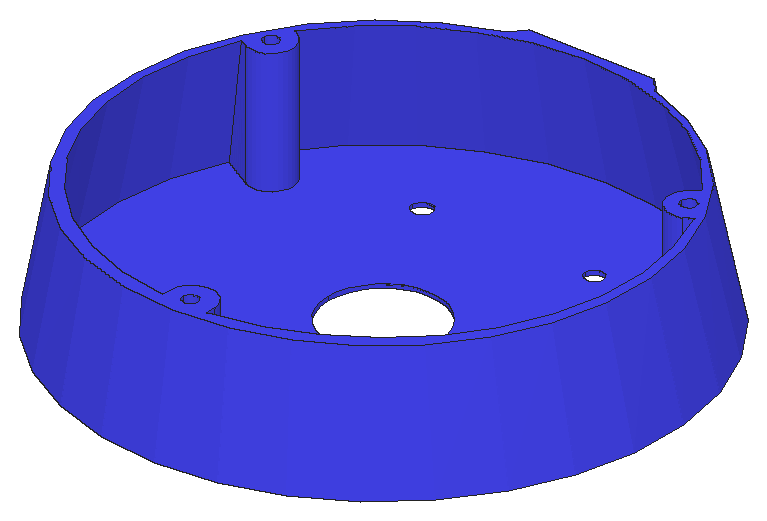
Revit family "DA-JB2100-IDIS", category Security Devices, Revit 2015
Parameters
  Default Elevation = 1219.2 mm
Reference planes
  plane 1 "Center (Front/Back)": y = 0
  plane 2: z = 0
  plane 3 "Center (Left/Right)": x = 0
  plane 4: z = 1
  plane 5: z = 34
Forms (mm)
  SweptBlend 1, solid, material "Metal - White - IDIS"
    path origin (0, 0, 0) x (1, 0, 0) y (0, 0, 1)
      loop
        line (0, 0) -> (0, 34)
    profile origin (0, 0, 0) x (-1, 0, 0) y (0, -1, 0)
      loop
        arc (19.489, -73.588) -> (0.261, 76.125) -> (-19.993, -73.453) r 76.125
        line (-19.993, -73.453) -> (-16.812, -77.325) -> (16.786, -77.325) -> (19.489, -73.588)
    end profile origin (0, 0, 34) x (-1, 0, 0) y (0, -1, 0)
      loop
        arc (19.502, -65.763) -> (0.228, 70.441) -> (-19.98, -65.628) r 69.5
        line (-19.98, -65.628) -> (-16.799, -69.5) -> (16.799, -69.5) -> (19.502, -65.763)
  SweptBlend 2, void
    path origin (0, 0, 0) x (0, 1, 0) y (0, 0, 1)
      loop
        line (0, 1) -> (0, 34)
    profile origin (0, 0, 1) x (0, -1, 0) y (1, 0, 0)
      loop
        arc (-37.225, -52.674) -> (-29.484, -50.929) -> (-27.143, -58.511) r 5.842
        line (-27.143, -58.511) -> (-32.213, -67.176)
        arc (-32.213, -67.176) -> (37.202, -64.547) -> (74.274, -5.801) r 74.5
        line (74.274, -5.801) -> (64.239, -5.801)
        arc (64.239, -5.801) -> (58.369, 0.171) -> (64.204, 6.177) r 5.99
        line (64.204, 6.177) -> (74.244, 6.177)
        arc (74.244, 6.177) -> (37.057, 64.63) -> (-32.174, 67.194) r 74.5
        line (-32.174, 67.194) -> (-27.089, 58.536)
        arc (-27.089, 58.536) -> (-29.513, 51.165) -> (-37.106, 52.758) r 5.818
        line (-37.106, 52.758) -> (-42.291, 61.587)
        arc (-42.291, 61.587) -> (-74.514, 0.127) -> (-42.291, -61.333) r 74.724
        line (-42.291, -61.333) -> (-37.225, -52.674)
    end profile origin (0, 0, 34) x (0, -1, 0) y (1, 0, 0)
      loop
        line (-38.477, -54.446) -> (-37.225, -52.674)
        arc (-37.225, -52.674) -> (-29.484, -50.929) -> (-27.143, -58.511) r 5.842
        line (-27.143, -58.511) -> (-28.146, -60.673)
        arc (-28.146, -60.673) -> (33.511, -57.882) -> (66.631, -5.801) r 66.883
        line (66.631, -5.801) -> (64.239, -5.801)
        arc (64.239, -5.801) -> (58.369, 0.171) -> (64.204, 6.177) r 5.99
        line (64.204, 6.177) -> (66.597, 6.177)
        arc (66.597, 6.177) -> (33.375, 57.961) -> (-28.09, 60.698) r 66.883
        line (-28.09, 60.698) -> (-27.089, 58.536)
        arc (-27.089, 58.536) -> (-29.513, 51.165) -> (-37.106, 52.758) r 5.818
        line (-37.106, 52.758) -> (-38.477, 54.707)
        arc (-38.477, 54.707) -> (-66.891, 0.131) -> (-38.477, -54.446) r 66.622
  Extrusion 3, void
    sketch origin (0, 155, 1) x (-1, 0, 0) y (0, 1, 0)
      loop
        circle (23, -113.25) r 2.666
      loop
        circle (-23, -113.25) r 2.436
      loop
        circle (-23, -196.75) r 2.613
      loop
        circle (23, -196.75) r 2.587
      loop
        circle (0, -155) r 14.994
    from 0 to 1
  Extrusion 4, void
    sketch origin (0, 290, 34) x (-1, 0, 0) y (0, 1, 0)
      loop
        circle (55.853, -257.739) r 2
      loop
        circle (-55.783, -257.62) r 2
      loop
        circle (0, -354.5) r 2
    from 0 to 250
Cuts and joins
  SweptBlend 2, Extrusion 3, Extrusion 4 cuts SweptBlend 1
Dimensions and locks
  plane 5 to level = 34 mm
  aligned and locked: level to plane 2
